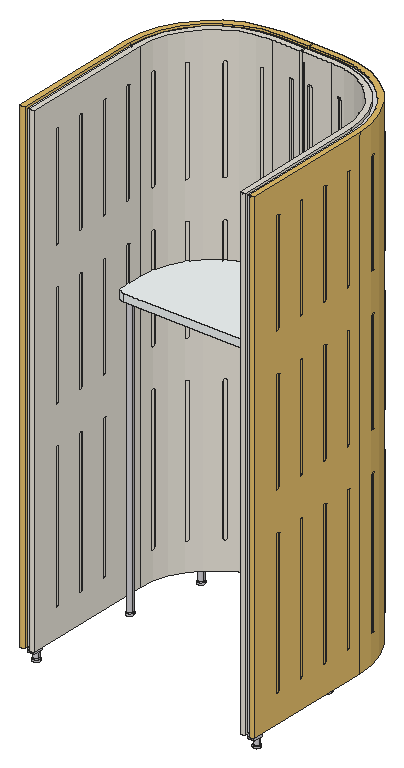
Revit family "1", category Furniture, Revit 2017 (continued)
Types (81, lengths in mm): name | Panel_Interior | Panel_Exterior | Desktop | Color Name | Color Code
  MZ22(Neo Wood Light/Mushroom/Vanilla) | okm_F024 | okm_F025 | okm_MK37 | "Neo Wood Light/Mushroom/Vanilla" | "MZ22"
  MZ23(Neo Wood Light/Huckleberry/Vanilla) | okm_F024 | okm_F007 | okm_MK37 | "Neo Wood Light/Huckleberry/Vanilla" | "MZ23"
  MZ24(Neo Wood Light/Sage/Vanilla) | okm_F024 | okm_F002 | okm_MK37 | "Neo Wood Light/Sage/Vanilla" | "MZ24"
  MZ25(Neo Wood Light/Grape/Vanilla) | okm_F024 | okm_F015 | okm_MK37 | "Neo Wood Light/Grape/Vanilla" | "MZ25"
  MZ26(Neo Wood Light/Chamomile/Vanilla) | okm_F024 | okm_F027 | okm_MK37 | "Neo Wood Light/Chamomile/Vanilla" | "MZ26"
  MZ27(Neo Wood Light/Pumpkin/Vanilla) | okm_F024 | okm_F010 | okm_MK37 | "Neo Wood Light/Pumpkin/Vanilla" | "MZ27"
  MZ28(Neo Wood Light/Peach/Vanilla) | okm_F024 | okm_F005 | okm_MK37 | "Neo Wood Light/Peach/Vanilla" | "MZ28"
  MZ29(Neo Wood Light/Indigo/Vanilla) | okm_F024 | okm_F029 | okm_MK37 | "Neo Wood Light/Indigo/Vanilla" | "MZ29"
  MZ30(Neo Wood Light/Blackberry/Vanilla) | okm_F024 | okm_F013 | okm_MK37 | "Neo Wood Light/Blackberry/Vanilla" | "MZ30"
  MZ31(Neo Wood Medium/Oats/Vanilla) | okm_F024 | okm_F026 | okm_MK38 | "Neo Wood Medium/Oats/Vanilla" | "MZ31"
  MZ32(Neo Wood Medium/Mushroom/Vanilla) | okm_F024 | okm_F025 | okm_MK38 | "Neo Wood Medium/Mushroom/Vanilla" | "MZ32"
  MZ33(Neo Wood Medium/Huckleberry/Vanilla) | okm_F024 | okm_F007 | okm_MK38 | "Neo Wood Medium/Huckleberry/Vanilla" | "MZ33"
  MZ34(Neo Wood Medium/Sage/Vanilla) | okm_F024 | okm_F002 | okm_MK38 | "Neo Wood Medium/Sage/Vanilla" | "MZ34"
  MZ35(Neo Wood Medium/Grape/Vanilla) | okm_F024 | okm_F015 | okm_MK38 | "Neo Wood Medium/Grape/Vanilla" | "MZ35"
  MZ36(Neo Wood Medium/Chamomile/Vanilla) | okm_F024 | okm_F027 | okm_MK38 | "Neo Wood Medium/Chamomile/Vanilla" | "MZ36"
  MZ37(Neo Wood Medium/Pumpkin/Vanilla) | okm_F024 | okm_F010 | okm_MK38 | "Neo Wood Medium/Pumpkin/Vanilla" | "MZ37"
  MZ38(Neo Wood Medium/Peach/Vanilla) | okm_F024 | okm_F005 | okm_MK38 | "Neo Wood Medium/Peach/Vanilla" | "MZ38"
  MZ39(Neo Wood Medium/Indigo/Vanilla) | okm_F024 | okm_F029 | okm_MK38 | "Neo Wood Medium/Indigo/Vanilla" | "MZ39"
  MZ40(Neo Wood Medium/Blackberry/Vanilla) | okm_F024 | okm_F013 | okm_MK38 | "Neo Wood Medium/Blackberry/Vanilla" | "MZ40"
  MZ50(Neo Wood Dark/Blackberry/Vanilla) | okm_F024 | okm_F013 | okm_MK39 | "Neo Wood Dark/Blackberry/Vanilla" | "MZ50"
  MZ41(Neo Wood Dark/Oats/Vanilla) | okm_F024 | okm_F026 | okm_MK39 | "Neo Wood Dark/Oats/Vanilla" | "MZ41"
  MZ42(Neo Wood Dark/Mushroom/Vanilla) | okm_F024 | okm_F025 | okm_MK39 | "Neo Wood Dark/Mushroom/Vanilla" | "MZ42"
  MZ43(Neo Wood Dark/Huckleberry/Vanilla) | okm_F024 | okm_F007 | okm_MK39 | "Neo Wood Dark/Huckleberry/Vanilla" | "MZ43"
  MZ44(Neo Wood Dark/Sage/Vanilla) | okm_F024 | okm_F002 | okm_MK39 | "Neo Wood Dark/Sage/Vanilla" | "MZ44"
  MZ45(Neo Wood Dark/Grape/Vanilla) | okm_F024 | okm_F015 | okm_MK39 | "Neo Wood Dark/Grape/Vanilla" | "MZ45"
  MZ46(Neo Wood Dark/Chamomile/Vanilla) | okm_F024 | okm_F027 | okm_MK39 | "Neo Wood Dark/Chamomile/Vanilla" | "MZ46"
  MZ47(Neo Wood Dark/Pumpkin/Vanilla) | okm_F024 | okm_F010 | okm_MK39 | "Neo Wood Dark/Pumpkin/Vanilla" | "MZ47"
  MZ48(Neo Wood Dark/Peach/Vanilla) | okm_F024 | okm_F005 | okm_MK39 | "Neo Wood Dark/Peach/Vanilla" | "MZ48"
  MZ49(Neo Wood Dark/Indigo/Vanilla) | okm_F024 | okm_F029 | okm_MK39 | "Neo Wood Dark/Indigo/Vanilla" | "MZ49"
